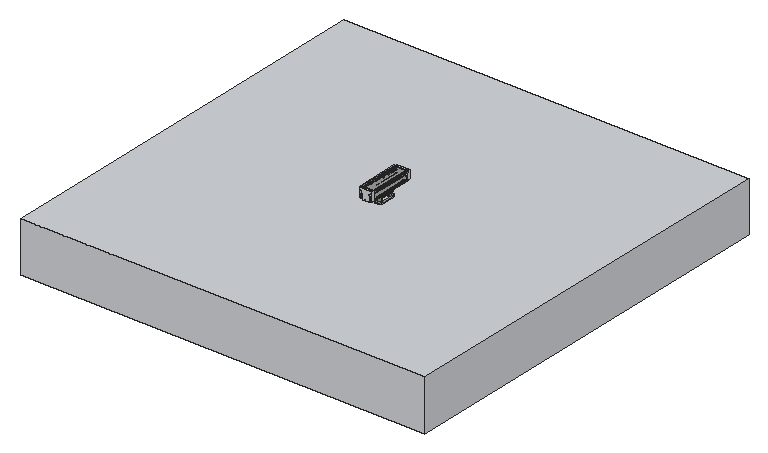
Revit family "L-industry NEW 12", category Осветительные приборы, Revit 2017 (continued)
Types (11, lengths in mm): name | Wattage | Артикул | URL | built-in parameter 1150134 | Файл фотометрической сетки | built-in parameter 1150142 | Группа модели | built-in parameter 1150105 | Lumens | built-in parameter 1150107 | built-in parameter 1150106 | Описание
  L-industry 12-11-G60-4.0K | 9.79521 W | "204101306741200" | 0 | 12 | "L-industry NEW 12-11-G60-4.0K-01.ies" | "IESNA:LM-63-1995\r\n[TEST]LEDEL\r\n[DATA]27.11.2018\r\n[MANUFAC]LEDEL\r\n[LUMCAT]L-industry NEW 12/11/Г60/4.0K/01\r\n[LUMINAIRE]Для освещения  промышленных объектов, складов, рекламных щитов, вывесок, декоративной подсветки  \r\n[MORE]\r\n[LAMPCAT]LED \r\n[LAMP]OSRAM OSLON \r\nTILT=NONE\r\n\r\n1 1455 0.893186 37 19 1 2 0.28 0.083 0.110\r\n\r\n1 1 11\r\n\r\n0 2.5 5 7.5 10 12.5 15 17.5 20 22.5 25 27.5 30 32.5 35 37.5 40 42.5 45 47.5\r\n 50 52.5 55 57.5 60 62.5 65 67.5 70 72.5 75 77.5 80 82.5 85 87.5 90\r\n\r\n  0 5 10 15 20 25 30 35 40 45 50 55 60 65 70 75\r\n  80 85 90\r\n\r\n  1955 1942 1893 1816 1739 1659 1569 1473 1364 1237 1101 947 788 636 502\r\n  383 290 222 174 136 110 87 69 58 46 38 31 23 20 14\r\n  11 6 1 2 1 1 1\r\n  1954 1939 1889 1813 1734 1651 1563 1461 1347 1225 1085 931 770 620 483\r\n  368 280 216 168 135 109 88 72 60 50 39 33 25 20 15\r\n  11 6 3 2 1 1 1\r\n  1955 1936 1881 1808 1731 1653 1561 1457 1345 1224 1084 931 776 623 488\r\n  370 281 216 169 135 109 87 71 59 47 39 33 26 20 15\r\n  11 6 3 1 1 1 1\r\n  1953 1940 1890 1822 1751 1671 1574 1464 1345 1220 1082 927 773 628 491\r\n  378 288 220 168 131 104 84 69 58 47 37 31 25 20 15\r\n  11 6 3 2 1 1 1\r\n  1955 1940 1891 1825 1760 1686 1590 1478 1356 1230 1089 938 784 638 502\r\n  387 296 226 173 134 107 87 69 59 47 41 31 25 20 15\r\n  12 9 5 2 1 1 1\r\n  1955 1931 1881 1817 1755 1684 1583 1469 1338 1196 1045 892 743 605 480\r\n  372 288 222 173 136 110 88 72 59 49 39 33 27 21 15\r\n  11 9 5 3 1 2 1\r\n  1953 1931 1882 1818 1759 1687 1586 1465 1331 1185 1030 876 730 597 473\r\n  364 278 214 166 133 108 88 71 58 47 38 31 25 19 15\r\n  11 7 5 3 2 1 1\r\n  1954 1935 1890 1829 1769 1695 1593 1473 1336 1191 1032 869 718 580 454\r\n  347 268 208 162 129 107 87 69 59 47 39 33 26 20 14\r\n  11 6 5 2 2 1 1\r\n  1952 1928 1881 1822 1762 1683 1578 1455 1320 1176 1018 851 693 551 429\r\n  331 255 197 157 128 103 85 69 58 47 41 31 26 20 15\r\n  12 9 5 2 1 2 1\r\n  1952 1923 1871 1812 1755 1671 1560 1436 1309 1169 1017 855 702 564 440\r\n  336 258 198 157 126 102 83 68 58 45 37 31 27 20 15\r\n  11 9 5 3 2 2 1\r\n  1952 1936 1870 1781 1693 1613 1523 1409 1288 1163 1029 886 742 607 485\r\n  375 290 224 176 140 115 95 78 67 56 47 42 32 27 21\r\n  18 12 8 5 3 3 2\r\n  1954 1929 1860 1770 1684 1604 1514 1403 1282 1162 1027 885 743 609 485\r\n  375 288 226 177 141 116 95 79 67 55 45 39 34 24 20\r\n  15 12 8 5 3 3 3\r\n  1953 1932 1867 1777 1689 1606 1519 1412 1291 1169 1039 902 759 620 497\r\n  388 299 231 181 143 117 96 78 66 54 45 37 30 25 20\r\n  14 12 8 5 3 2 2\r\n  1955 1932 1868 1779 1693 1613 1522 1417 1298 1176 1044 902 759 624 499\r\n  387 298 230 179 142 116 95 77 64 53 46 37 30 25 21\r\n  15 11 9 5 3 2 1\r\n  1955 1925 1857 1769 1684 1602 1505 1398 1279 1155 1020 870 720 580 457\r\n  351 272 214 167 134 109 89 75 62 52 43 36 29 25 19\r\n  14 12 8 5 3 3 2\r\n  1953 1923 1856 1767 1685 1603 1509 1400 1285 1167 1034 884 733 593 465\r\n  359 277 215 168 134 109 89 75 62 53 44 37 30 25 18\r\n  14 11 8 3 3 2 3\r\n  1955 1931 1868 1783 1698 1613 1515 1404 1286 1163 1022 871 720 584 460\r\n  355 274 213 166 133 108 89 72 62 53 43 36 29 24 20\r\n  14 11 6 3 3 2 3\r\n  1954 1924 1855 1773 1689 1603 1508 1402 1288 1164 1027 877 726 585 461\r\n  354 272 210 164 130 108 88 72 61 49 41 35 28 22 18\r\n  13 9 4 2 3 2 2\r\n  1955 1925 1865 1786 1706 1622 1524 1414 1298 1171 1030 875 722 583 458\r\n  353 273 211 165 133 108 87 72 61 51 42 34 28 22 19\r\n  14 11 5 3 3 2 2\r\n\r\n" | 0 | 115.79 (stored number, unit not read) | 1455 lm | 4000 (stored number, unit not read) | 1.1579 (stored number, unit not read) | 0
  L-industry 12-11-G30-5.0K | 9.82214 W | "504011" | 0 | 2 | "L-industry NEW 12-11-G30-5.0K-01.ies" | "IESNA:LM-63-1995\r\n[TEST]LEDEL\r\n[DATA]27.11.2018\r\n[MANUFAC]LEDEL\r\n[LUMCAT]L-industry NEW 12/11/Г30/5.0K/01\r\n[LUMINAIRE]Для освещения  промышленных объектов, складов, рекламных щитов, вывесок, декоративной подсветки  \r\n[MORE]\r\n[LAMPCAT]LED \r\n[LAMP]OSRAM OSLON \r\nTILT=NONE\r\n\r\n1 1459 0.95609436 37 19 1 2 0.28 0.083 0.110\r\n\r\n1 1 11\r\n\r\n0 2.5 5 7.5 10 12.5 15 17.5 20 22.5 25 27.5 30 32.5 35 37.5 40 42.5 45 47.5\r\n 50 52.5 55 57.5 60 62.5 65 67.5 70 72.5 75 77.5 80 82.5 85 87.5 90\r\n\r\n  0 5 10 15 20 25 30 35 40 45 50 55 60 65 70 75\r\n  80 85 90\r\n\r\n  3379 3230 2931 2592 2299 2089 1851 1514 1087 732 479 333 273 238 205\r\n  196 176 162 141 128 115 101 88 81 66 58 49 40 36 27\r\n  14 9 5 5 1 1 1\r\n  3377 3217 2938 2627 2345 2110 1860 1495 1068 719 477 333 273 237 207\r\n  181 167 153 137 123 110 101 86 80 66 58 44 40 31 25\r\n  14 5 1 1 3 1 1\r\n  3382 3252 3028 2782 2517 2238 1950 1563 1122 748 488 343 275 238 207\r\n  184 163 154 137 123 110 95 88 75 66 57 49 39 31 25\r\n  16 6 5 1 3 1 1\r\n  3382 3278 3101 2936 2721 2428 2053 1645 1199 812 521 353 279 246 213\r\n  189 176 155 141 128 110 99 88 75 66 61 53 40 36 18\r\n  18 9 3 1 3 1 1\r\n  3382 3279 3142 3019 2846 2534 2099 1649 1221 830 525 355 277 244 218\r\n  196 176 158 141 123 110 101 86 76 66 58 44 37 29 27\r\n  16 13 7 1 1 1 1\r\n  3380 3291 3165 3045 2890 2586 2125 1625 1194 814 524 355 280 238 214\r\n  196 174 158 137 124 110 93 86 79 64 57 44 36 29 27\r\n  16 9 5 4 1 1 1\r\n  3382 3290 3156 3012 2837 2567 2101 1572 1117 766 506 347 277 238 209\r\n  189 176 159 137 124 108 100 82 75 62 54 44 36 29 20\r\n  16 10 5 4 3 1 1\r\n  3376 3287 3145 2974 2776 2505 2064 1527 1047 723 488 335 264 232 207\r\n  188 176 158 139 127 110 100 88 76 64 58 53 40 33 27\r\n  18 10 9 5 1 1 3\r\n  3376 3287 3130 2952 2747 2471 2062 1538 1038 713 497 345 262 229 200\r\n  181 172 154 137 124 110 95 84 75 64 57 49 40 36 28\r\n  18 13 9 5 1 1 1\r\n  3347 3239 3073 2890 2659 2357 1921 1400 932 645 460 315 258 223 194\r\n  176 163 153 135 124 110 102 84 80 64 58 44 42 33 30\r\n  18 14 9 5 1 2 1\r\n  3376 3364 3259 3089 2877 2637 2314 1837 1312 902 611 419 308 259 229\r\n  202 185 176 159 138 128 110 97 85 77 66 60 53 38 36\r\n  27 15 11 9 5 1 1\r\n  3376 3359 3253 3102 2912 2700 2394 1918 1392 972 660 444 317 266 233\r\n  204 187 176 154 137 124 110 102 85 80 66 58 44 36 31\r\n  22 18 11 9 5 5 1\r\n  3382 3349 3229 3086 2921 2709 2345 1845 1345 945 629 420 310 271 236\r\n  211 198 177 159 141 124 110 97 88 77 66 58 46 38 31\r\n  22 15 11 6 5 4 1\r\n  3380 3333 3185 3047 2910 2663 2257 1781 1339 942 614 408 306 261 227\r\n  202 181 165 152 132 124 110 93 85 75 59 53 44 40 31\r\n  22 14 14 5 1 5 1\r\n  3382 3322 3151 2988 2839 2606 2227 1806 1395 993 650 428 321 266 233\r\n  207 187 172 154 133 123 107 97 84 71 63 58 44 40 28\r\n  22 15 9 5 5 2 3\r\n  3382 3307 3101 2883 2688 2442 2110 1743 1335 934 613 412 317 261 227\r\n  198 181 163 150 132 123 107 93 84 75 63 55 44 36 28\r\n  27 15 9 5 1 5 3\r\n  3382 3293 3048 2773 2512 2261 2012 1705 1307 922 613 419 317 255 220\r\n  189 172 159 150 132 119 106 93 84 75 64 53 44 38 31\r\n  18 14 9 2 1 1 3\r\n  3377 3308 3043 2715 2398 2146 1944 1661 1272 896 606 412 310 260 220\r\n  189 174 159 145 132 123 106 97 82 75 62 58 44 36 30\r\n  18 10 7 7 1 1 1\r\n  3379 3291 3019 2679 2350 2110 1930 1681 1307 941 646 437 328 273 229\r\n  198 183 170 154 136 126 110 101 83 75 66 55 44 33 30\r\n  22 14 7 4 3 1 3\r\n\r\n" | 0 | 1960.4 (stored number, unit not read) | 1459 lm | 5000 (stored number, unit not read) | 19.604 (stored number, unit not read) | 0
  L-industry 12-11-G30-4.0K | 9.82214 W | "204101304741200" | 0 | 12 | "L-industry NEW 12-11-G30-4.0K-01.ies" | "IESNA:LM-63-1995\r\n[TEST]LEDEL\r\n[DATA]27.11.2018\r\n[MANUFAC]LEDEL\r\n[LUMCAT]L-industry NEW 12/11/Г30/4.0K/01\r\n[LUMINAIRE]Для освещения  промышленных объектов, складов, рекламных щитов, вывесок, декоративной подсветки  \r\n[MORE]\r\n[LAMPCAT]LED \r\n[LAMP]OSRAM OSLON \r\nTILT=NONE\r\n\r\n1 1459 0.95609436 37 19 1 2 0.28 0.083 0.110\r\n\r\n1 1 11\r\n\r\n0 2.5 5 7.5 10 12.5 15 17.5 20 22.5 25 27.5 30 32.5 35 37.5 40 42.5 45 47.5\r\n 50 52.5 55 57.5 60 62.5 65 67.5 70 72.5 75 77.5 80 82.5 85 87.5 90\r\n\r\n  0 5 10 15 20 25 30 35 40 45 50 55 60 65 70 75\r\n  80 85 90\r\n\r\n  3379 3230 2931 2592 2299 2089 1851 1514 1087 732 479 333 273 238 205\r\n  196 176 162 141 128 115 101 88 81 66 58 49 40 36 27\r\n  14 9 5 5 1 1 1\r\n  3377 3217 2938 2627 2345 2110 1860 1495 1068 719 477 333 273 237 207\r\n  181 167 153 137 123 110 101 86 80 66 58 44 40 31 25\r\n  14 5 1 1 3 1 1\r\n  3382 3252 3028 2782 2517 2238 1950 1563 1122 748 488 343 275 238 207\r\n  184 163 154 137 123 110 95 88 75 66 57 49 39 31 25\r\n  16 6 5 1 3 1 1\r\n  3382 3278 3101 2936 2721 2428 2053 1645 1199 812 521 353 279 246 213\r\n  189 176 155 141 128 110 99 88 75 66 61 53 40 36 18\r\n  18 9 3 1 3 1 1\r\n  3382 3279 3142 3019 2846 2534 2099 1649 1221 830 525 355 277 244 218\r\n  196 176 158 141 123 110 101 86 76 66 58 44 37 29 27\r\n  16 13 7 1 1 1 1\r\n  3380 3291 3165 3045 2890 2586 2125 1625 1194 814 524 355 280 238 214\r\n  196 174 158 137 124 110 93 86 79 64 57 44 36 29 27\r\n  16 9 5 4 1 1 1\r\n  3382 3290 3156 3012 2837 2567 2101 1572 1117 766 506 347 277 238 209\r\n  189 176 159 137 124 108 100 82 75 62 54 44 36 29 20\r\n  16 10 5 4 3 1 1\r\n  3376 3287 3145 2974 2776 2505 2064 1527 1047 723 488 335 264 232 207\r\n  188 176 158 139 127 110 100 88 76 64 58 53 40 33 27\r\n  18 10 9 5 1 1 3\r\n  3376 3287 3130 2952 2747 2471 2062 1538 1038 713 497 345 262 229 200\r\n  181 172 154 137 124 110 95 84 75 64 57 49 40 36 28\r\n  18 13 9 5 1 1 1\r\n  3347 3239 3073 2890 2659 2357 1921 1400 932 645 460 315 258 223 194\r\n  176 163 153 135 124 110 102 84 80 64 58 44 42 33 30\r\n  18 14 9 5 1 2 1\r\n  3376 3364 3259 3089 2877 2637 2314 1837 1312 902 611 419 308 259 229\r\n  202 185 176 159 138 128 110 97 85 77 66 60 53 38 36\r\n  27 15 11 9 5 1 1\r\n  3376 3359 3253 3102 2912 2700 2394 1918 1392 972 660 444 317 266 233\r\n  204 187 176 154 137 124 110 102 85 80 66 58 44 36 31\r\n  22 18 11 9 5 5 1\r\n  3382 3349 3229 3086 2921 2709 2345 1845 1345 945 629 420 310 271 236\r\n  211 198 177 159 141 124 110 97 88 77 66 58 46 38 31\r\n  22 15 11 6 5 4 1\r\n  3380 3333 3185 3047 2910 2663 2257 1781 1339 942 614 408 306 261 227\r\n  202 181 165 152 132 124 110 93 85 75 59 53 44 40 31\r\n  22 14 14 5 1 5 1\r\n  3382 3322 3151 2988 2839 2606 2227 1806 1395 993 650 428 321 266 233\r\n  207 187 172 154 133 123 107 97 84 71 63 58 44 40 28\r\n  22 15 9 5 5 2 3\r\n  3382 3307 3101 2883 2688 2442 2110 1743 1335 934 613 412 317 261 227\r\n  198 181 163 150 132 123 107 93 84 75 63 55 44 36 28\r\n  27 15 9 5 1 5 3\r\n  3382 3293 3048 2773 2512 2261 2012 1705 1307 922 613 419 317 255 220\r\n  189 172 159 150 132 119 106 93 84 75 64 53 44 38 31\r\n  18 14 9 2 1 1 3\r\n  3377 3308 3043 2715 2398 2146 1944 1661 1272 896 606 412 310 260 220\r\n  189 174 159 145 132 123 106 97 82 75 62 58 44 36 30\r\n  18 10 7 7 1 1 1\r\n  3379 3291 3019 2679 2350 2110 1930 1681 1307 941 646 437 328 273 229\r\n  198 183 170 154 136 126 110 101 83 75 66 55 44 33 30\r\n  22 14 7 4 3 1 3\r\n\r\n" | 0 | 1960.4 (stored number, unit not read) | 1459 lm | 4000 (stored number, unit not read) | 19.604 (stored number, unit not read) | 0
  L-industry 12-11-D-4.0K Duris | 9.66057 W | "204101300742200" | 0 | 12 | "L-industry NEW 12-11-D-4.0K-02 Duris.ies" | "IESNA:LM-63-1995\r\n[TEST]LEDEL\r\n[DATA]27.11.2018\r\n[MANUFAC]LEDEL\r\n[LUMCAT]L-industry NEW 12/11/Д/4.0K/02\r\n[LUMINAIRE]Для освещения  промышленных объектов, складов, рекламных щитов, вывесок, декоративной подсветки  \r\n[MORE]\r\n[LAMPCAT]LED \r\n[LAMP]OSRAM DURIS\r\nTILT=NONE\r\n\r\n1 1435 1.123727486296 37 19 1 2 0.28 0.083 0.110\r\n\r\n1 1 11\r\n\r\n0 2.5 5 7.5 10 12.5 15 17.5 20 22.5 25 27.5 30 32.5 35 37.5 40 42.5 45 47.5\r\n 50 52.5 55 57.5 60 62.5 65 67.5 70 72.5 75 77.5 80 82.5 85 87.5 90\r\n\r\n  0 5 10 15 20 25 30 35 40 45 50 55 60 65 70 75\r\n  80 85 90\r\n\r\n  647 647 644 639 633 625 612 600 586 573 559 541 522 494 439\r\n  381 335 296 261 229 199 158 122 103 99 98 81 66 60 59\r\n  52 50 44 35 20 5 1\r\n  648 648 647 640 633 626 616 605 592 575 561 542 522 498 444\r\n  385 337 298 262 221 190 161 133 115 111 107 86 71 68 59\r\n  48 47 40 31 18 3 1\r\n  648 648 647 641 638 627 617 603 589 576 561 543 522 499 451\r\n  392 337 296 243 197 168 159 141 119 94 84 77 65 53 55\r\n  52 44 37 28 15 3 1\r\n  647 648 647 642 635 625 614 601 589 575 559 542 521 495 460\r\n  404 343 286 225 191 167 144 125 103 88 84 80 75 58 43\r\n  42 41 34 25 13 4 1\r\n  647 649 647 640 632 622 613 601 586 574 556 537 515 491 461\r\n  414 354 281 232 194 167 143 120 115 112 92 69 55 55 54\r\n  43 34 28 21 12 3 1\r\n  647 649 647 640 631 623 616 602 589 575 559 536 516 494 467\r\n  433 373 285 230 199 170 148 129 112 95 83 74 71 61 47\r\n  44 44 31 22 12 3 1\r\n  647 649 647 639 631 625 615 602 591 576 559 536 519 494 469\r\n  433 379 303 239 199 181 171 140 112 96 91 86 71 63 61\r\n  53 43 38 30 19 5 1\r\n  647 648 644 639 631 625 614 601 589 574 557 542 521 500 469\r\n  428 370 324 277 228 195 164 136 121 112 107 80 61 66 63\r\n  55 50 44 36 22 6 1\r\n  647 648 644 639 633 626 611 601 589 575 557 541 524 503 474\r\n  433 373 322 290 269 231 180 150 146 142 114 94 88 80 68\r\n  62 58 47 41 24 9 2\r\n  647 647 644 637 631 623 610 601 590 575 559 541 525 503 474\r\n  428 365 317 286 269 237 189 149 128 122 105 85 78 80 63\r\n  62 59 52 43 30 13 3\r\n  647 648 648 642 641 634 619 611 600 584 570 553 535 515 492\r\n  454 395 341 308 283 245 197 168 165 151 120 104 94 77 71\r\n  68 59 54 44 31 14 4\r\n  647 648 649 644 639 633 622 611 600 586 572 553 535 512 485\r\n  447 395 341 299 259 223 182 148 126 124 116 88 68 67 62\r\n  62 55 47 39 27 11 4\r\n  647 649 649 642 639 633 618 609 600 586 569 549 529 509 483\r\n  447 395 328 269 219 193 182 157 120 103 102 94 73 67 66\r\n  51 46 43 32 21 10 3\r\n  647 649 649 644 639 632 625 610 600 584 567 545 524 500 474\r\n  440 386 309 253 218 185 160 140 117 96 87 85 77 60 52\r\n  46 39 34 27 15 6 3\r\n  647 648 648 647 638 630 624 611 595 582 565 544 521 495 468\r\n  432 380 310 251 209 181 156 135 128 117 92 66 62 61 58\r\n  44 35 30 21 12 5 3\r\n  647 649 648 647 639 631 618 610 599 583 567 550 524 499 469\r\n  430 376 308 244 209 181 156 140 119 97 92 85 77 61 42\r\n  42 39 31 20 14 6 2\r\n  648 649 648 644 639 632 620 606 595 584 567 546 524 496 461\r\n  413 357 307 255 215 192 178 152 113 94 86 83 68 59 55\r\n  44 36 30 22 12 5 3\r\n  648 648 647 643 639 632 623 611 597 582 566 546 526 500 465\r\n  413 363 323 281 241 211 184 144 125 121 116 92 70 69 59\r\n  47 41 37 27 14 6 2\r\n  647 648 645 642 639 630 618 607 597 581 567 552 529 504 471\r\n  420 364 316 280 250 220 181 124 103 103 108 90 63 63 66\r\n  46 43 38 26 14 5 3\r\n\r\n" | 0 | 732.98 (stored number, unit not read) | 1435 lm | 4000 (stored number, unit not read) | 7.3298 (stored number, unit not read) | 0
  L-industry 12-11-D-5.0K Duris | 9.66057 W | "504013" | 0 | 12 | "L-industry NEW 12-11-D-4.0K-02 Duris.ies" | "IESNA:LM-63-1995\r\n[TEST]LEDEL\r\n[DATA]27.11.2018\r\n[MANUFAC]LEDEL\r\n[LUMCAT]L-industry NEW 12/11/Д/4.0K/02\r\n[LUMINAIRE]Для освещения  промышленных объектов, складов, рекламных щитов, вывесок, декоративной подсветки  \r\n[MORE]\r\n[LAMPCAT]LED \r\n[LAMP]OSRAM DURIS\r\nTILT=NONE\r\n\r\n1 1435 1.123727486296 37 19 1 2 0.28 0.083 0.110\r\n\r\n1 1 11\r\n\r\n0 2.5 5 7.5 10 12.5 15 17.5 20 22.5 25 27.5 30 32.5 35 37.5 40 42.5 45 47.5\r\n 50 52.5 55 57.5 60 62.5 65 67.5 70 72.5 75 77.5 80 82.5 85 87.5 90\r\n\r\n  0 5 10 15 20 25 30 35 40 45 50 55 60 65 70 75\r\n  80 85 90\r\n\r\n  647 647 644 639 633 625 612 600 586 573 559 541 522 494 439\r\n  381 335 296 261 229 199 158 122 103 99 98 81 66 60 59\r\n  52 50 44 35 20 5 1\r\n  648 648 647 640 633 626 616 605 592 575 561 542 522 498 444\r\n  385 337 298 262 221 190 161 133 115 111 107 86 71 68 59\r\n  48 47 40 31 18 3 1\r\n  648 648 647 641 638 627 617 603 589 576 561 543 522 499 451\r\n  392 337 296 243 197 168 159 141 119 94 84 77 65 53 55\r\n  52 44 37 28 15 3 1\r\n  647 648 647 642 635 625 614 601 589 575 559 542 521 495 460\r\n  404 343 286 225 191 167 144 125 103 88 84 80 75 58 43\r\n  42 41 34 25 13 4 1\r\n  647 649 647 640 632 622 613 601 586 574 556 537 515 491 461\r\n  414 354 281 232 194 167 143 120 115 112 92 69 55 55 54\r\n  43 34 28 21 12 3 1\r\n  647 649 647 640 631 623 616 602 589 575 559 536 516 494 467\r\n  433 373 285 230 199 170 148 129 112 95 83 74 71 61 47\r\n  44 44 31 22 12 3 1\r\n  647 649 647 639 631 625 615 602 591 576 559 536 519 494 469\r\n  433 379 303 239 199 181 171 140 112 96 91 86 71 63 61\r\n  53 43 38 30 19 5 1\r\n  647 648 644 639 631 625 614 601 589 574 557 542 521 500 469\r\n  428 370 324 277 228 195 164 136 121 112 107 80 61 66 63\r\n  55 50 44 36 22 6 1\r\n  647 648 644 639 633 626 611 601 589 575 557 541 524 503 474\r\n  433 373 322 290 269 231 180 150 146 142 114 94 88 80 68\r\n  62 58 47 41 24 9 2\r\n  647 647 644 637 631 623 610 601 590 575 559 541 525 503 474\r\n  428 365 317 286 269 237 189 149 128 122 105 85 78 80 63\r\n  62 59 52 43 30 13 3\r\n  647 648 648 642 641 634 619 611 600 584 570 553 535 515 492\r\n  454 395 341 308 283 245 197 168 165 151 120 104 94 77 71\r\n  68 59 54 44 31 14 4\r\n  647 648 649 644 639 633 622 611 600 586 572 553 535 512 485\r\n  447 395 341 299 259 223 182 148 126 124 116 88 68 67 62\r\n  62 55 47 39 27 11 4\r\n  647 649 649 642 639 633 618 609 600 586 569 549 529 509 483\r\n  447 395 328 269 219 193 182 157 120 103 102 94 73 67 66\r\n  51 46 43 32 21 10 3\r\n  647 649 649 644 639 632 625 610 600 584 567 545 524 500 474\r\n  440 386 309 253 218 185 160 140 117 96 87 85 77 60 52\r\n  46 39 34 27 15 6 3\r\n  647 648 648 647 638 630 624 611 595 582 565 544 521 495 468\r\n  432 380 310 251 209 181 156 135 128 117 92 66 62 61 58\r\n  44 35 30 21 12 5 3\r\n  647 649 648 647 639 631 618 610 599 583 567 550 524 499 469\r\n  430 376 308 244 209 181 156 140 119 97 92 85 77 61 42\r\n  42 39 31 20 14 6 2\r\n  648 649 648 644 639 632 620 606 595 584 567 546 524 496 461\r\n  413 357 307 255 215 192 178 152 113 94 86 83 68 59 55\r\n  44 36 30 22 12 5 3\r\n  648 648 647 643 639 632 623 611 597 582 566 546 526 500 465\r\n  413 363 323 281 241 211 184 144 125 121 116 92 70 69 59\r\n  47 41 37 27 14 6 2\r\n  647 648 645 642 639 630 618 607 597 581 567 552 529 504 471\r\n  420 364 316 280 250 220 181 124 103 103 108 90 63 63 66\r\n  46 43 38 26 14 5 3\r\n\r\n" | 0 | 732.98 (stored number, unit not read) | 1435 lm | 4000 (stored number, unit not read) | 7.3298 (stored number, unit not read) | 0
